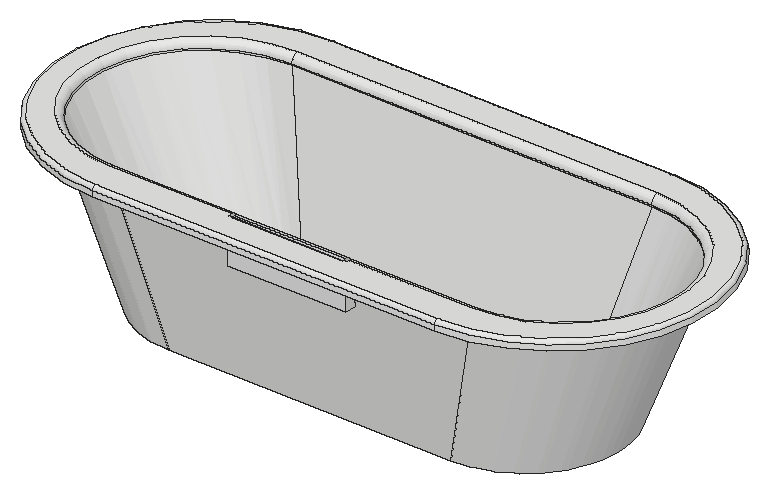
Revit family "Bath-Drop_In-KOHLER-VOLUTE-K-99312T-1", category Plumbing Fixtures, host Face, Revit 2017
Family settings
  Host = Face
  Round Connector Dimension = Use Diameter
  Part Type = Normal
  OmniClass Number = 23.31.15.00
  Cut with Voids When Loaded = No
  Shared = No
  Room Calculation Point = No
Parameters (values of type "0-White")
  Width = 62 125/128"  # constant formula
  WaterSense Certified = 1 = 0  # no
  Waste Water Outlet = "Waste Water Outlet"  # constant formula
  Waste Connection = 1 = 1  # yes
  Vent Connection = 1 = 0  # no
  URL = "http://www.kohler.com.cn/"
  Type = 1
  Product Page URL = "https://www.kohler.com.cn/product/K-99312T-0/K-99312T-0/"
  Product Name = "VOLUTE"  # constant formula
  Product Documentation Link = "https://files.kohler.com.cn/pdfs/cast_iron_wo_installation.pdf"
  Model = "K-99312T-0"  # constant formula
  Material = " CAST IRON"  # constant formula
  Master Format 2014 Name = "Residential Bathtubs"  # constant formula
  Master Format 2014 = "22 41 19"  # constant formula
  Manufacturer Address = "Kohler Beijing Office (100016)36-2-03-B, No. 88, Liuxiang Road, Beijing"  # constant formula
  Manufacturer = "KOHLER Co."  # constant formula
  Length = 29 135/256"  # constant formula
  Hot Water Inlet = "Hot Water Inlet"  # constant formula
  Height = 15 3/4"  # constant formula
  HW Connection = 1 = 0  # no
  Finish = KOHLER-Cast_Iron-0-White
  Environmental Product Declaration = ""
  Drain Included = 1 = 1  # yes
  Description = "VOLUTE™ Built-in cast iron bathtub (round at both ends)"  # constant formula
  Default Elevation = 0"
  Declare Label = ""
  Date Modified = "05/10/2021"  # constant formula
  Date Created = "05/10/2021"  # constant formula
  Copyright = "Copyright KOHLER Co."  # constant formula
  Contact Us = "http://www.kohler.com.cn/contact/contact-us/"
  Cold Water Inlet = "Cold Water Inlet"  # constant formula
  CW Connection = 1 = 0  # no
  Assembly Code = "D2010500"
  ADA Compliant = 1 = 0  # no
Reference planes (in)
  plane 1 "Center (Front/Back)": y = 0
  plane 2: z = 0
  plane 3 "Center (Left/Right)": x = 0
  plane 4: y = 14.76367
  plane 5: y = -14.76367
  plane 6: x = -31.48828
  plane 7: x = 31.48828
  plane 8: x = -28.35187
  plane 9: x = 28.33372
  plane 10: y = 10.72523
  plane 11: y = -10.75702
  plane 12: z = -14.88189
  plane 13: z = 0.86811
Forms (in)
  Extrusion 1, void
    sketch origin (0, 0, 0) x (1, 0, 0) y (0, 1, 0)
      loop
        arc (17.97629, -12.39686) -> (30.03733, -0.33581) -> (17.97629, 11.72523) r 12.06105
        line (17.97629, 11.72523) -> (0.6703, 11.72523) -> (-18.00563, 11.72523)
        arc (-18.00563, 11.72523) -> (-30.06668, -0.33581) -> (-18.00563, -12.39686) r 12.06105
        line (-18.00563, -12.39686) -> (17.97629, -12.39686)
    from -15.54005 to 0
Dimensions and locks (in)
  plane 10 to plane 11 = 21.48226"
  plane 9 to plane 8 = 56.68559"
  plane 13 to plane 12 = 15 3/4"
  "Width": plane 6 to plane 7
  equal spacing: plane 6, plane 3 "Center (Left/Right)", plane 7
  "Length": plane 4 to plane 5
  equal spacing: plane 4, plane 1 "Center (Front/Back)", plane 5
  "Height": plane 13 to plane 12
  aligned and locked: plane 2 to host face
  aligned and locked: level to host face
Automatic sketch dimensions
  host sketch curve to host sketch curve = 96"  (x2)
  Extrusion 1 sketch curve to plane 10 = 1"
  plane 8 to Extrusion 1 sketch curve = 10.34624"
  plane 3 "Center (Left/Right)" to Extrusion 1 sketch curve = 0.6703"
  Extrusion 1 sketch curve to plane 9 = 10.35743"
  plane 1 "Center (Front/Back)" to Extrusion 1 sketch curve = 0.33581"
Nested families (in)
  nested 1: "K-99312T" at (0, 0, 0), type "K-99312T"
Connectors (in)
  piping at (0, 0, -14.67005), diameter 1.32813, driven by "Waste Connection", driven by "Waste Water Outlet"
    settings: on nested 1, index 1, connector inside diameter 24", connector length 0", flow factor 0, pipe flow 0 GPM, pressure drop 0.00 psi, fitting loss kfactor 0, connector angle 0.00°, fixture units 0, engagement length 0", angle of deflection 0.00°, flow configuration 0, flow direction 2, fitting loss method 4, system type 16, joint type 0, gender type 0, connector reference index -1, connector utility 1, adjustable connector no, is connector primary yes, connector description "Waste Water Outlet"
Definition of nested family "K-99312T"
  Parameters (values of type "K-99312T")
    Material = none
  Reference planes (in)
    plane 1 "Center (Front/Back)": y = 0
    plane 2: z = 0
    plane 3 "Center (Left/Right)": x = 0
    plane 4: x = -31.48827
    plane 5: x = 31.48827
    plane 6: z = 0.86614
    plane 7: x = -6.30858
    plane 8: x = -5.794
    plane 9: x = 5.79207
    plane 10: x = 6.2965
    plane 11: x = -1
    plane 12: x = 1
    plane 13: x = -0.75
    plane 14: x = 0.75
    plane 15: y = 14.76378
    plane 16: y = -14.76378
    plane 17: y = 10.72523
    plane 18: y = 7.67277
    plane 19: y = 6.73771
    plane 20: y = 1
    plane 21: y = 0.75
    plane 22: y = -0.75
    plane 23: y = -1
    plane 24: y = -6.73896
    plane 25: y = -7.67519
    plane 26: y = -9.95993
    plane 27: y = -10.75702
    plane 28: x = -5.43324
    plane 29: x = 5.37872
    plane 30: z = -14.88189
    plane 31: y = -11.90582
    plane 32: z = -3.47121
    plane 33: x = -28.35187
    plane 34: x = 28.33372
  Forms (in)
    Sweep 1, solid, material <- "Material", detail levels medium+fine
      path origin (0, 0, 0) x (1, 0, 0) y (0, 1, 0)
        loop
          arc (16.71975, -14.76378) -> (31.48353, 0) -> (16.71975, 14.76378) r 14.76378
          line (16.71975, 14.76378) -> (-16.72424, 14.76378)
          arc (-16.72424, 14.76378) -> (-31.48802, 0) -> (-16.72424, -14.76378) r 14.76378
          line (-16.72424, -14.76378) -> (16.71975, -14.76378)
      profile origin (-0.00224, -14.76378, 0) x (0, -1, 0) y (0, 0, 1)
        loop
          line (0, 0) -> (-0.04434, 0.50685)
          arc (-0.04434, 0.50685) -> (-0.17053, 0.76274) -> (-0.43644, 0.86614) r 0.39359
          line (-0.43644, 0.86614) -> (-0.88592, 0.86614) -> (-0.88592, 0) -> (0, 0)
    Sweep 2, solid, material <- "Material", detail levels medium+fine
      path origin (0, 0, 0) x (1, 0, 0) y (0, 1, 0)
        loop
          line (17.59541, 10.72523) -> (-17.60692, 10.72523)
          arc (-17.60692, 10.72523) -> (-28.34804, -0.0159) -> (-17.60692, -10.75702) r 10.74113
          line (-17.60692, -10.75702) -> (17.59541, -10.75702)
          arc (17.59541, -10.75702) -> (28.33653, -0.0159) -> (17.59541, 10.72523) r 10.74113
      profile origin (-0.00576, 10.72523, 0) x (0, -1, 0) y (0, 0, 1)
        loop
          arc (0, 0.16319) -> (-0.20589, 0.66025) -> (-0.70295, 0.86614) r 0.70295
          line (-0.70295, 0.86614) -> (-1.36522, 0.86614) -> (-1.36522, 0) -> (0, 0) -> (0, 0.16319)
    Blend 3, solid, material <- "Material", detail levels medium+fine
      base sketch origin (0, 0, 0) x (1, 0, 0) y (0, 1, 0)
        loop
          line (-13.78315, -9.15593) -> (13.78559, -9.15593)
          arc (13.78559, -9.15593) -> (22.94144, -0.00009) -> (13.78559, 9.15576) r 9.15585
          line (13.78559, 9.15576) -> (-13.78315, 9.15576)
          arc (-13.78315, 9.15576) -> (-22.939, -0.00009) -> (-13.78315, -9.15593) r 9.15585
      top sketch origin (0, 0, 0) x (1, 0, 0) y (0, 1, 0)
        loop
          arc (-17.69051, 11.35023) -> (-29.04074, 0) -> (-17.69051, -11.35023) r 11.35023
          line (-17.69051, -11.35023) -> (17.66693, -11.35023)
          arc (17.66693, -11.35023) -> (29.01716, 0) -> (17.66693, 11.35023) r 11.35023
          line (17.66693, 11.35023) -> (-17.69051, 11.35023)
      from -14.88189 to 0
    Sweep 4, solid, material <- "Material", detail levels medium+fine
      path origin (-0.01562, 0, 0) x (1, 0, 0) y (0, 1, 0)
        loop
          line (14.42052, 8.32508) -> (-14.39775, 8.32508)
          arc (-14.39775, 8.32508) -> (-22.72346, -0.00063) -> (-14.39775, -8.32633) r 8.32571
          line (-14.39775, -8.32633) -> (14.42052, -8.32633)
          arc (14.42052, -8.32633) -> (22.74623, -0.00063) -> (14.42052, 8.32508) r 8.32571
      profile origin (-0.00424, 8.32508, 0) x (0, -1, 0) y (0, 0, 1)
        loop
          line (0.5812, -13.36063) -> (0.71163, -13.93521) -> (1.80888, -13.8777)
          arc (1.80888, -13.8777) -> (1.15122, -13.72321) -> (0.5812, -13.36063) r 2.02128
    Revolve 5, solid, detail levels medium+fine
      sketch origin (0, 0, 1.39294) x (1, 0, 0) y (0, 0, 1)
        loop
          line (-0.6496, -16.06299) -> (0, -16.06299) -> (0, -15.01497)
          arc (0, -15.01497) -> (-0.36265, -15.02775) -> (-0.72352, -15.06574) r 5.20891
          arc (-0.72352, -15.06574) -> (-0.95407, -15.10329) -> (-1.18277, -15.15081) r 5.37846
          arc (-1.18277, -15.15081) -> (-1.27519, -15.17291) -> (-1.36725, -15.19651) r 5.84873
          arc (-1.36725, -15.19651) -> (-1.38791, -15.2273) -> (-1.36005, -15.25177) r 0.0281
          line (-1.36005, -15.25177) -> (-0.6496, -15.25177) -> (-0.6496, -16.06299)
        axis (0, -15.01497) -> (0, -16.06299)
      angle from 0 to 360
    Extrusion 6, solid, material <- "Material", detail levels medium+fine
      sketch origin (0, 0, 0) x (1, 0, 0) y (0, 1, 0)
        loop
          line (14.39796, -5.49531) -> (14.50787, -5.90551) -> (15.01969, -5.90551) -> (15.1296, -5.49531) -> (15.03937, -5.49531)
          arc (15.03937, -5.49531) -> (14.89231, -5.42931) -> (14.84385, -5.27559) r 0.19685
          line (14.84385, -5.27559) -> (14.68371, -5.27559)
          arc (14.68371, -5.27559) -> (14.63525, -5.42931) -> (14.48819, -5.49531) r 0.19685
          line (14.48819, -5.49531) -> (14.39796, -5.49531)
        loop
          line (14.39796, 5.49531) -> (14.48819, 5.49531)
          arc (14.48819, 5.49531) -> (14.63525, 5.42932) -> (14.68371, 5.27559) r 0.19685
          line (14.68371, 5.27559) -> (14.84385, 5.27559)
          arc (14.84385, 5.27559) -> (14.89231, 5.42932) -> (15.03937, 5.49531) r 0.19685
          line (15.03937, 5.49531) -> (15.1296, 5.49531) -> (15.01969, 5.90551) -> (14.50787, 5.90551) -> (14.39796, 5.49531)
        loop
          line (-14.39796, -5.49531) -> (-14.48819, -5.49531)
          arc (-14.48819, -5.49531) -> (-14.63525, -5.42931) -> (-14.68371, -5.27559) r 0.19685
          line (-14.68371, -5.27559) -> (-14.84385, -5.27559)
          arc (-14.84385, -5.27559) -> (-14.89231, -5.42931) -> (-15.03937, -5.49531) r 0.19685
          line (-15.03937, -5.49531) -> (-15.1296, -5.49531) -> (-15.01969, -5.90551) -> (-14.50787, -5.90551) -> (-14.39796, -5.49531)
        loop
          line (-14.39796, 5.49531) -> (-14.50787, 5.90551) -> (-15.01969, 5.90551) -> (-15.1296, 5.49531) -> (-15.03937, 5.49531)
          arc (-15.03937, 5.49531) -> (-14.89231, 5.42932) -> (-14.84385, 5.27559) r 0.19685
          line (-14.84385, 5.27559) -> (-14.68371, 5.27559)
          arc (-14.68371, 5.27559) -> (-14.63525, 5.42932) -> (-14.48819, 5.49531) r 0.19685
          line (-14.48819, 5.49531) -> (-14.39796, 5.49531)
      from -14.88189 to -13.93521
    Extrusion 7, solid, material <- "Material", detail levels medium+fine
      sketch origin (0, 0, 0) x (1, 0, 0) y (0, 1, 0)
        loop
          arc (16.71975, -13.87786) -> (30.59761, 0) -> (16.71975, 13.87786) r 13.87786
          line (16.71975, 13.87786) -> (-16.72424, 13.87786)
          arc (-16.72424, 13.87786) -> (-30.6021, 0) -> (-16.72424, -13.87786) r 13.87786
          line (-16.72424, -13.87786) -> (16.71975, -13.87786)
        loop
          line (-17.60692, -12.12224) -> (17.59541, -12.12224)
          arc (17.59541, -12.12224) -> (29.70175, -0.0159) -> (17.59541, 12.09045) r 12.10635
          line (17.59541, 12.09045) -> (-17.60692, 12.09045)
          arc (-17.60692, 12.09045) -> (-29.71326, -0.0159) -> (-17.60692, -12.12224) r 12.10635
      from 0 to 0.86614
    Blend 8, void
      base sketch origin (0, 0, 0.5) x (1, 0, 0) y (0, 1, 0)
        loop
          line (-14.22771, -7.57633) -> (14.16471, -7.57633)
          arc (14.16471, -7.57633) -> (21.74042, -0.00063) -> (14.16471, 7.57508) r 7.57571
          line (14.16471, 7.57508) -> (-14.22771, 7.57508)
          arc (-14.22771, 7.57508) -> (-21.80342, -0.00063) -> (-14.22771, -7.57633) r 7.57571
      top sketch origin (0, 0, 0.5) x (1, 0, 0) y (0, 1, 0)
        loop
          arc (-17.60692, 10.72523) -> (-28.34804, -0.0159) -> (-17.60692, -10.75702) r 10.74113
          line (-17.60692, -10.75702) -> (17.59541, -10.75702)
          arc (17.59541, -10.75702) -> (28.33653, -0.0159) -> (17.59541, 10.72523) r 10.74113
          line (17.59541, 10.72523) -> (-17.60692, 10.72523)
      from -14.35143 to -0.5
    Extrusion 9, void
      sketch origin (0, 0, 0) x (1, 0, 0) y (0, 1, 0)
        loop
          arc (13.777, -8.85827) -> (22.63527, 0) -> (13.777, 8.85827) r 8.85827
          line (13.777, 8.85827) -> (-13.7846, 8.85827)
          arc (-13.7846, 8.85827) -> (-22.64287, 0) -> (-13.7846, -8.85827) r 8.85827
          line (-13.7846, -8.85827) -> (13.777, -8.85827)
      from -15.19328 to -14.34641
    Extrusion 10, void
      sketch origin (0, 0, 0) x (1, 0, 0) y (0, 1, 0)
        loop
          line (5.78665, -11.83851) -> (5.78665, -9.64173) -> (-5.78665, -9.64173) -> (-5.78665, -11.83851) -> (5.78665, -11.83851)
      from -3.47121 to 1.11583
    Extrusion 11, solid, detail levels medium+fine
      sketch origin (0, 0, 0) x (0, 1, 0) y (0, 0, 1)
        loop
          line (-10.75702, 0) -> (-10.75702, 0.1648)
          arc (-10.75702, 0.1648) -> (-10.96244, 0.66072) -> (-11.45837, 0.86614) r 0.70134
          line (-11.45837, 0.86614) -> (-11.83851, 0.86614) -> (-11.83851, -3.47121) -> (-9.95993, -3.47121) -> (-10.75702, 0)
      from -5.43324 to 5.37872
    Extrusion 12, solid, material <- "Material", detail levels medium+fine
      sketch origin (0, 0, 0) x (0, 1, 0) y (0, 0, 1)
        loop
          line (-11.35023, 0) -> (-11.90582, 0) -> (-11.90582, -3.47121) -> (-10.83841, -3.47121) -> (-11.35023, 0)
      from -5.78665 to 5.78665
    Sweep 13, solid, material <- "Material", detail levels coarse
      path origin (0, 0, 0) x (1, 0, 0) y (0, 1, 0)
        loop
          line (16.71975, 14.76378) -> (-16.72424, 14.76378)
          arc (-16.72424, 14.76378) -> (-31.48802, 0) -> (-16.72424, -14.76378) r 14.76378
          line (-16.72424, -14.76378) -> (16.71975, -14.76378)
          arc (16.71975, -14.76378) -> (31.48353, 0) -> (16.71975, 14.76378) r 14.76378
      profile origin (-0.00224, 14.76378, 0) x (0, -1, 0) y (0, 0, 1)
        loop
          line (0, 0) -> (4.52756, 0) -> (4.52756, 0.98425) -> (0, 0.98425) -> (0, 0)
    Blend 14, solid, material <- "Material", detail levels coarse
      base sketch origin (0, 0, 0) x (1, 0, 0) y (0, 1, 0)
        loop
          arc (13.777, -9.44882) -> (23.22582, 0) -> (13.777, 9.44882) r 9.44882
          line (13.777, 9.44882) -> (-13.7846, 9.44882)
          arc (-13.7846, 9.44882) -> (-23.23342, 0) -> (-13.7846, -9.44882) r 9.44882
          line (-13.7846, -9.44882) -> (13.777, -9.44882)
      top sketch origin (0, 0, 0) x (1, 0, 0) y (0, 1, 0)
        loop
          arc (-16.72424, 11.41733) -> (-28.14156, 0) -> (-16.72424, -11.41732) r 11.41732
          line (-16.72424, -11.41732) -> (16.71975, -11.41732)
          arc (16.71975, -11.41732) -> (28.13708, 0) -> (16.71975, 11.41733) r 11.41732
          line (16.71975, 11.41733) -> (-16.72424, 11.41733)
      from -14.88189 to 0
    Blend 15, void
      base sketch origin (0, 0, 0.7874) x (1, 0, 0) y (0, 1, 0)
        loop
          arc (12.77401, -9.44882) -> (22.22283, 0) -> (12.77401, 9.44882) r 9.44882
          line (12.77401, 9.44882) -> (-12.63057, 9.44882)
          arc (-12.63057, 9.44882) -> (-22.07939, 0) -> (-12.63057, -9.44882) r 9.44882
          line (-12.63057, -9.44882) -> (12.77401, -9.44882)
      top sketch origin (0, 0, 0.7874) x (1, 0, 0) y (0, 1, 0)
        loop
          arc (-15.54392, 11.41733) -> (-26.96124, 0) -> (-15.54392, -11.41732) r 11.41732
          line (-15.54392, -11.41732) -> (15.92056, -11.41732)
          arc (15.92056, -11.41732) -> (27.33788, 0) -> (15.92056, 11.41733) r 11.41732
          line (15.92056, 11.41733) -> (-15.54392, 11.41733)
      from -14.88189 to 0
  Cuts and joins
    Extrusion 10 cuts Sweep 2
    Blend 8, Extrusion 9, Extrusion 10 cuts Blend 3
    joined: Sweep 1, Sweep 2, Blend 3, Sweep 4, Extrusion 6, Extrusion 7, Extrusion 12
    Blend 15 cuts Blend 14
    joined: Sweep 13, Blend 14
  Lines and regions (in)
    Masking region 1
      outline origin (0, 0, 0) x (1, 0, 0) y (0, 1, 0)
        loop
          line (16.72729, 14.76378) -> (-16.72065, 14.76378)
          arc (-16.72065, 14.76378) -> (-31.48443, 0) -> (-16.72065, -14.76378) r 14.76378
          line (-16.72065, -14.76378) -> (16.72729, -14.76378)
          arc (16.72729, -14.76378) -> (31.49107, 0) -> (16.72729, 14.76378) r 14.76378
    Masking region 2
      outline origin (0, 0, 0) x (1, 0, 0) y (0, 0, 1)
        loop
          line (31.05287, 0.86566) -> (-31.05434, 0.86566)
          arc (-31.05434, 0.86566) -> (-31.31843, 0.76296) -> (-31.44375, 0.50883) r 0.3909
          line (-31.44375, 0.50883) -> (-31.48827, 0) -> (-29.04074, 0) -> (-22.939, -14.88189) -> (22.94144, -14.88189) -> (29.01716, 0) -> (31.4878, 0) -> (31.44337, 0.50783)
          arc (31.44337, 0.50783) -> (31.3177, 0.76267) -> (31.05287, 0.86566) r 0.39199
    Masking region 3
      outline origin (0, 0, 0) x (0, 1, 0) y (0, 0, 1)
        loop
          arc (-14.32725, 0.8668) -> (-14.59328, 0.76335) -> (-14.71952, 0.50735) r 0.39377
          line (-14.71952, 0.50735) -> (-14.76391, 0) -> (-11.90582, 0) -> (-11.90582, -3.47121) -> (-10.83841, -3.47121) -> (-9.15593, -14.88189) -> (9.15576, -14.88189) -> (11.35023, 0) -> (14.76397, 0) -> (14.71953, 0.50799)
          arc (14.71953, 0.50799) -> (14.59351, 0.76353) -> (14.32796, 0.8668) r 0.39307
          line (14.32796, 0.8668) -> (-14.32725, 0.8668)
    symbolic lines
      curve 1: circle (0, 0, 0) r 1 normal (0, 0, 1)
      curve 20: line (-17.60692, 10.72523, 0) -> (17.59541, 10.72523, 0)
      curve 21: arc (-17.60692, 10.72523, 0) -> (-28.34804, -0.0159, 0) -> (-17.60692, -10.75702, 0) r 10.74113
      curve 22: line (17.59541, -10.75702, 0) -> (-17.60692, -10.75702, 0)
      curve 23: arc (17.59541, -10.75702, 0) -> (28.33653, -0.0159, 0) -> (17.59541, 10.72523, 0) r 10.74113
    symbolic lines, detail levels medium+fine
      curve 2: circle (0, 0, 0) r 0.75 normal (0, 0, 1)
      curve 3: line (-29.2675, 0, 0) -> (29.29793, 0, 0)
      curve 4: line (-5.78665, -10.21392, 0) -> (-5.78665, -11.83851, 0)
      curve 5: line (-5.43324, -9.95993, 0) -> (-5.43324, -11.83851, 0)
      curve 6: line (5.55617, -9.95993, 0) -> (-5.53266, -9.95993, 0)
      curve 7: line (-5.78665, -11.83851, 0) -> (5.78665, -11.83851, 0)
      curve 8: line (5.37872, -11.83851, 0) -> (5.37872, -9.95993, 0)
      curve 9: line (5.78665, -11.83851, 0) -> (5.78665, -10.19041, 0)
      curve 10: arc (-5.53266, -9.95993, 0) -> (-5.71226, -10.03433, 0) -> (-5.78665, -10.21392, 0) r 0.25399
      curve 11: arc (5.78665, -10.19041, 0) -> (5.71915, -10.02744, 0) -> (5.55617, -9.95993, 0) r 0.23048
      curve 12: line (14.4049, 6.73771, 0) -> (-14.41338, 6.73771, 0)
      curve 13: line (-14.41338, -6.73896, 0) -> (14.4049, -6.73896, 0)
      curve 14: arc (-14.41338, 6.73771, 0) -> (-21.15171, -0.00063, 0) -> (-14.41338, -6.73896, 0) r 6.73833
      curve 15: arc (14.4049, -6.73896, 0) -> (21.14323, -0.00063, 0) -> (14.4049, 6.73771, 0) r 6.73833
      curve 16: line (14.4049, 7.67133, 0) -> (14.4049, -7.67375, 0)
      curve 17: line (14.27133, -7.67519, 0) -> (-14.33273, -7.67519, 0)
      curve 18: line (-14.3325, 7.67277, 0) -> (14.2711, 7.67277, 0)
      curve 19: line (-14.41338, -7.67466, 0) -> (-14.41338, 7.67224, 0)
      curve 24: line (0, 11.35023, 0) -> (0, -11.90582, 0)
      curve 25: line (0, -11.35023, 0) -> (0, -10.83841, -3.47121)
      curve 26: line (-5.78665, 0, 0) -> (-5.78665, 0, -3.47121)
      curve 27: line (-5.78665, 0, -3.47121) -> (5.78665, 0, -3.47121)
      curve 28: line (5.78665, 0, -3.47121) -> (5.78665, 0, 0)
      curve 29: line (-5.43324, 0, 0) -> (-5.43324, 0, -3.47121)
      curve 30: line (5.37872, 0, 0) -> (5.37872, 0, -3.47121)
  Dimensions and locks (in)
    plane 4 to plane 5 = 62.97654"
    equal spacing: plane 4, plane 3 "Center (Left/Right)", plane 5
    plane 16 to plane 15 = 29.52756"
    equal spacing: plane 16, plane 1 "Center (Front/Back)", plane 15
    aligned and locked: plane 2 to level
  Automatic sketch dimensions
    curve 3 to level = 0"
    Sweep 1 sketch curve to level = 0"
    Sweep 1 sketch curve to profile plane = 0"
    profile plane to Sweep 1 sketch curve = 0.04434"
    Sweep 1 sketch curve to Sweep 1 sketch curve = 0.39209"
    Sweep 1 sketch curve to Sweep 1 sketch curve = 0.44948"
    level to Sweep 1 sketch curve = 0.47255"
    Sweep 1 sketch curve to Sweep 1 sketch curve = 0.0343"
    Sweep 2 sketch curve to level = 0"
    Sweep 2 sketch curve to profile plane = 0"
    level to Sweep 2 sketch curve = 0.16319"
    Sweep 2 sketch curve to Sweep 2 sketch curve = 0.70295"
    Sweep 2 sketch curve to Sweep 2 sketch curve = 0.66227"
    Sweep 4 sketch curve to profile plane = 0.5812"
    Sweep 4 sketch curve to profile plane = 0.71163"
    Sweep 4 sketch curve to Sweep 4 sketch curve = 1.09724"
    Sweep 4 sketch curve to profile plane = 1.9358"
    Sweep 4 sketch curve to level = 13.93521"
    Sweep 4 sketch curve to Sweep 4 sketch curve = 0.0575"
    Sweep 4 sketch curve to Sweep 4 sketch curve = 0.57458"
    Revolve 5 sketch curve to plane 3 "Center (Left/Right)" = 0"  (x2)
    plane 3 "Center (Left/Right)" to Revolve 5 sketch curve = 0.00195"
    plane 3 "Center (Left/Right)" to Revolve 5 sketch curve = 0.02557"
    plane 3 "Center (Left/Right)" to Revolve 5 sketch curve = 0.13122"
    Revolve 5 sketch curve to Revolve 5 sketch curve = 0.16791"
    Revolve 5 sketch curve to Revolve 5 sketch curve = 0.45825"
    Revolve 5 sketch curve to Revolve 5 sketch curve = 0.0281"
    Revolve 5 sketch curve to Revolve 5 sketch curve = 0.23679"
    Revolve 5 sketch curve to Revolve 5 sketch curve = 0"  (x2)
    Revolve 5 sketch curve to Revolve 5 sketch curve = 0.19225"
    Extrusion 6 sketch curve to Extrusion 6 sketch curve = 0.09023"  (x8)
    Extrusion 6 sketch curve to Extrusion 6 sketch curve = 0.01969"  (x4)
    Extrusion 6 sketch curve to Extrusion 6 sketch curve = 0.19552"  (x8)
    Extrusion 6 sketch curve to Extrusion 6 sketch curve = 41/256"  (x4)
    Extrusion 6 sketch curve to Extrusion 6 sketch curve = 0.51181"  (x4)
    Extrusion 6 sketch curve to Extrusion 6 sketch curve = 0.4102"  (x5)
    Extrusion 6 sketch curve to Extrusion 6 sketch curve = 0.19685"  (x2)
    Extrusion 6 sketch curve to Extrusion 6 sketch curve = 0.21972"  (x3)
    Extrusion 6 sketch curve to Extrusion 6 sketch curve = 0.02287"  (x2)
    Revolve 5 sketch curve to Revolve 5 sketch curve = 0.17728"
    Revolve 5 sketch curve to Revolve 5 sketch curve = 0.07392"
    plane 4 to curve 3 = 2.22077"
    Extrusion 6 sketch curve to plane 7 = 8.08938"  (x2)
    curve 3 to plane 5 = 2.19034"
    plane 10 to Extrusion 6 sketch curve = 8.10146"  (x2)
    plane 1 "Center (Front/Back)" to Extrusion 6 sketch curve = 5.90551"  (x2)
    Extrusion 6 sketch curve to plane 1 "Center (Front/Back)" = 5.27559"  (x2)
    Sweep 1 sketch curve to plane 7 = 10.41566"
    plane 10 to Sweep 1 sketch curve = 10.42325"
    plane 1 "Center (Front/Back)" to Sweep 1 sketch curve = 14.76378"
    Sweep 1 sketch curve to plane 1 "Center (Front/Back)" = 0"
    Sweep 2 sketch curve to plane 7 = 11.29833"
    plane 10 to Sweep 2 sketch curve = 11.29891"
    plane 1 "Center (Front/Back)" to Sweep 2 sketch curve = 10.75702"
    plane 1 "Center (Front/Back)" to Sweep 2 sketch curve = 0.0159"
    plane 1 "Center (Front/Back)" to Extrusion 7 sketch curve = 0.0159"
    plane 10 to Extrusion 7 sketch curve = 11.29891"
    Extrusion 7 sketch curve to Extrusion 7 sketch curve = 12.10635"
    Extrusion 7 sketch curve to Extrusion 7 sketch curve = 0.87565"
    Extrusion 7 sketch curve to plane 7 = 10.41566"
    Extrusion 7 sketch curve to Extrusion 7 sketch curve = 1.75562"
    Extrusion 7 sketch curve to plane 1 "Center (Front/Back)" = 0"
    Extrusion 7 sketch curve to Extrusion 7 sketch curve = 0.88268"
    Sweep 4 sketch curve to plane 7 = 8.1048"
    Sweep 4 sketch curve to plane 1 "Center (Front/Back)" = 8.32508"
    plane 10 to Sweep 4 sketch curve = 8.1084"
    plane 1 "Center (Front/Back)" to Sweep 4 sketch curve = 8.32633"
    plane 1 "Center (Front/Back)" to Blend 3 sketch curve = 0"
    Blend 3 sketch curve to plane 7 = 11.38193"
    plane 10 to Blend 3 sketch curve = 11.37043"
    plane 1 "Center (Front/Back)" to Blend 3 sketch curve = 11.35023"
    Blend 8 sketch curve to plane 7 = 7.91912"
    plane 10 to Blend 8 sketch curve = 7.86821"
    plane 1 "Center (Front/Back)" to Blend 8 sketch curve = 7.57633"
    plane 1 "Center (Front/Back)" to Blend 8 sketch curve = 0.00063"
    Blend 8 sketch curve to plane 7 = 11.29833"
    Blend 8 sketch curve to plane 1 "Center (Front/Back)" = 10.72523"
    plane 10 to Blend 8 sketch curve = 11.29891"
    plane 1 "Center (Front/Back)" to Blend 8 sketch curve = 0.0159"
    Blend 3 sketch curve to plane 7 = 7.47456"
    plane 10 to Blend 3 sketch curve = 7.48909"
    plane 1 "Center (Front/Back)" to Blend 3 sketch curve = 9.15593"
    plane 1 "Center (Front/Back)" to Blend 3 sketch curve = 0.00009"
    Extrusion 9 sketch curve to plane 7 = 7.47602"
    plane 10 to Extrusion 9 sketch curve = 7.4805"
    plane 1 "Center (Front/Back)" to Extrusion 9 sketch curve = 8.85827"
    Extrusion 9 sketch curve to plane 1 "Center (Front/Back)" = 0"
    plane 1 "Center (Front/Back)" to Extrusion 10 sketch curve = 11.83851"
    Extrusion 10 sketch curve to plane 9 = 0.00542"
    Extrusion 10 sketch curve to Extrusion 10 sketch curve = 2.19678"
    plane 8 to Extrusion 10 sketch curve = 0.00734"
    level to Extrusion 11 sketch curve = 0.1648"
    Extrusion 11 sketch curve to Extrusion 11 sketch curve = 0.38014"
    plane 1 "Center (Front/Back)" to Extrusion 11 sketch curve = 9.95993"
    Extrusion 11 sketch curve to Extrusion 11 sketch curve = 1.87857"
    Extrusion 11 sketch curve to level = 0"
    Extrusion 11 sketch curve to plane 6 = 0"
    Extrusion 12 sketch curve to Extrusion 12 sketch curve = 0.55559"
    plane 1 "Center (Front/Back)" to Extrusion 12 sketch curve = 10.83841"
    Extrusion 12 sketch curve to Extrusion 12 sketch curve = 1.06741"
    Extrusion 12 sketch curve to level = 0"
    Masking region 1 sketch curve to plane 15 = 0"
    plane 16 to Masking region 1 sketch curve = 0"
    Masking region 1 sketch curve to plane 7 = 10.41207"
    plane 10 to Masking region 1 sketch curve = 10.43079"
    curve 1 to curve 2 = 0"  (x2)
    plane 1 "Center (Front/Back)" to curve 1 = 0"
    curve 1 to plane 3 "Center (Left/Right)" = 0"
    plane 8 to curve 6 = 0.26134"
    plane 8 to curve 7 = 0.00734"
    curve 6 to plane 9 = 0.2359"
    curve 9 to plane 9 = 0.00542"
    curve 6 to plane 16 = 4.80385"
    curve 7 to curve 9 = 1.6481"
    curve 4 to curve 5 = 0.35341"
    curve 8 to curve 6 = 0.17746"
    plane 1 "Center (Front/Back)" to curve 14 = 0.00063"
    curve 13 to curve 14 = 6.73833"
    curve 14 to plane 7 = 8.1048"
    curve 19 to curve 13 = 0"
    curve 19 to curve 17 = 0.08065"
    curve 19 to curve 18 = 0.08088"
    curve 18 to curve 12 = 0.1338"
    curve 17 to curve 13 = 0.13356"
    curve 18 to curve 16 = 0.1338"
    curve 17 to curve 13 = 0.93623"
    curve 17 to curve 19 = 0.00052"
    curve 17 to curve 16 = 0.00144"
    curve 12 to curve 16 = 0.93362"
    curve 12 to curve 19 = 0.93454"
    curve 19 to curve 18 = 0.00053"
    plane 10 to curve 15 = 8.1084"
    curve 20 to curve 19 = 3.19354"
    plane 1 "Center (Front/Back)" to curve 21 = 0.0159"
    curve 20 to plane 15 = 4.03855"
    curve 16 to curve 22 = 3.19051"
    Masking region 2 sketch curve to level = 0"  (x2)
    Masking region 2 sketch curve to plane 4 = 0"
    plane 4 to Masking region 2 sketch curve = 0.04452"
    Masking region 2 sketch curve to plane 6 = 0.00048"
    plane 4 to Masking region 2 sketch curve = 0.43393"
    Masking region 2 sketch curve to plane 5 = 8.54683"
    Masking region 2 sketch curve to plane 5 = 2.47111"
    Masking region 2 sketch curve to plane 5 = 0.4354"
    Masking region 2 sketch curve to plane 5 = 0.0449"
    Masking region 2 sketch curve to plane 5 = 0.00047"
    Masking region 2 sketch curve to Masking region 2 sketch curve = 0.39199"
    Masking region 2 sketch curve to Masking region 2 sketch curve = 0.3909"
    Masking region 2 sketch curve to Masking region 2 sketch curve = 2.0136"
    plane 4 to Masking region 2 sketch curve = 8.54928"
    plane 13 to Revolve 5 sketch curve = 0.1004"
    Revolve 5 sketch curve to Revolve 5 sketch curve = 0.81122"
    Revolve 5 sketch curve to Revolve 5 sketch curve = 0.41469"
    Masking region 3 sketch curve to level = 0"  (x2)
    Masking region 3 sketch curve to plane 30 = 0"
    plane 16 to Masking region 3 sketch curve = 0.00013"
    Masking region 3 sketch curve to plane 6 = 0.35879"
    Masking region 3 sketch curve to Masking region 3 sketch curve = 0.04439"
    Masking region 3 sketch curve to Masking region 3 sketch curve = 0.39227"
    Masking region 3 sketch curve to plane 27 = 0.08139"
    plane 26 to Masking region 3 sketch curve = 0.804"
    plane 18 to Masking region 3 sketch curve = 1.48299"
    plane 17 to Masking region 3 sketch curve = 5/8"
    plane 6 to Masking region 3 sketch curve = 0.00066"
    Masking region 3 sketch curve to plane 15 = 0.43583"
    Masking region 3 sketch curve to plane 6 = 0.35815"
    Masking region 3 sketch curve to Masking region 3 sketch curve = 0.39157"
    Masking region 3 sketch curve to Masking region 3 sketch curve = 0.04444"
    curve 25 to level = 0"
    curve 25 to plane 27 = 0.08139"
    plane 17 to curve 24 = 5/8"
    curve 24 to level = 0"
    curve 25 to level = 3.47121"
    Revolve 5 sketch curve to plane 30 = 4.5752"
    Masking region 2 sketch curve to plane 30 = 0"
    Masking region 3 sketch curve to level = 3.47121"
    Extrusion 11 sketch curve to level = 3.47121"
    Extrusion 12 sketch curve to level = 3.47121"
    curve 25 to plane 27 = 0.59321"
    curve 24 to curve 25 = 0.55559"
    Masking region 3 sketch curve to Masking region 3 sketch curve = 1.06741"
    curve 26 to plane 32 = 0"
    plane 8 to curve 26 = 0.00734"
    curve 27 to plane 9 = 0.00542"
    curve 29 to plane 28 = 0"
    curve 30 to plane 29 = 0"
    plane 30 to curve 30 = 11.41068"
    plane 30 to curve 29 = 11.41068"
    Sweep 13 sketch curve to plane 15 = 0"
    Sweep 13 sketch curve to plane 7 = 10.41566"
    Sweep 13 sketch curve to plane 1 "Center (Front/Back)" = 0"
    plane 10 to Sweep 13 sketch curve = 10.42325"
    Sweep 13 sketch curve to profile plane = 0"
    Sweep 13 sketch curve to level = 0"
    level to Sweep 13 sketch curve = 0.98425"
    Sweep 13 sketch curve to profile plane = 4.52756"
    plane 18 to Blend 14 sketch curve = 1.77605"
    plane 10 to Blend 14 sketch curve = 7.4805"
    Blend 14 sketch curve to plane 1 "Center (Front/Back)" = 0"  (x2)
    Blend 14 sketch curve to plane 7 = 7.47602"
    plane 10 to Blend 14 sketch curve = 10.42325"
    plane 17 to Blend 14 sketch curve = 0.69209"
    Blend 14 sketch curve to plane 7 = 10.41566"
    Blend 15 sketch curve to plane 1 "Center (Front/Back)" = 0"  (x2)
    Blend 15 sketch curve to plane 7 = 6.32199"
    plane 10 to Blend 15 sketch curve = 6.47751"
    plane 26 to Blend 15 sketch curve = 0.51112"
    plane 17 to Blend 15 sketch curve = 0.69209"
    Blend 15 sketch curve to plane 7 = 9.23534"
    plane 10 to Blend 15 sketch curve = 9.62406"
    radius of curve 1 = 1"
    radius of curve 2 = 3/4"
